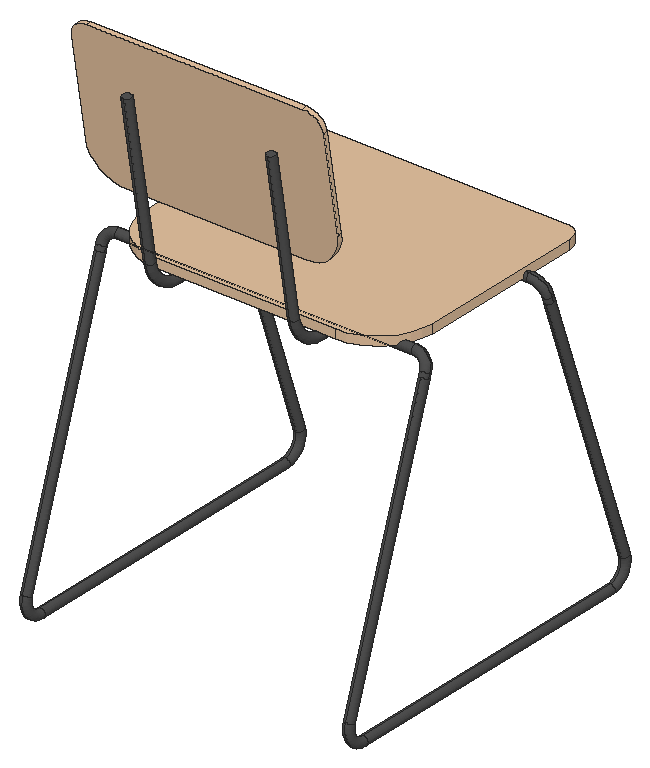
Revit family
Parameters (values of type "Chair - Stacking")
  Material Seat = Wood - Cherry
  Material Frame = Metal - Chrome
  Keynote = "N"
  Assembly Code = ""
Reference planes
  plane 1 "Center (Front/Back)": y = 108.931
  plane 2: z = 0
  plane 3 "Center (Left/Right)": x = -179.049
  plane 4: x = 49.551
  plane 5: x = -407.649
  plane 6: y = 7.331
  plane 7: y = 362.931
  plane 8: y = -145.069
  plane 9: y = 210.531
  plane 10: z = 781.05
  plane 11: z = 444.5
  plane 12: z = 419.1
  plane 13: y = -1.503
  plane 14: y = 219.263
  plane 15: through (0, -129.809, 44.506) normal (0, -0.9459, 0.3243)
  plane 16: through (0, 324.756, 111.345) normal (0, -0.9459, -0.3243)
  plane 17: z = 419.1
  plane 18: y = 219.263
  plane 19: y = -1.4
  plane 20: through (0, 17.507, 3.087) normal (0, -0.9848, -0.1736)
  plane 21: z = 457.2
  plane 22: x = -77.449
  plane 23: x = -280.649
  plane 24: z = 704.85
  plane 25: z = 704.85
Forms (mm)
  Sweep 1, solid, material "Metal - Chrome" <- "Material Frame"
    path origin (49.551, 0, 0) x (0, -1, 0) y (0, 0, 1)
      loop
        line (-219.263, 419.1) -> (-351.192, 40.1)
        arc (-351.192, 40.1) -> (-347.907, 17.035) -> (-327.204, 6.35) r 25.4
        line (-327.204, 6.35) -> (109.341, 6.35)
        arc (109.341, 6.35) -> (130.043, 17.032) -> (133.331, 40.094) r 25.4
        line (133.331, 40.094) -> (1.503, 419.1)
    profile origin (49.551, 108.931, 0) x (0, 0, 1) y (-1, 0, 0)
      loop
        circle (6.35, 0) r 6.35
  Sweep 2, solid, material "Metal - Chrome" <- "Material Frame"
    path origin (-407.649, 0, 0) x (0, -1, 0) y (0, 0, 1)
      loop
        line (-219.242, 419.093) -> (-349.221, 39.988)
        arc (-349.221, 39.988) -> (-345.863, 16.987) -> (-325.194, 6.35) r 25.4
        line (-325.194, 6.35) -> (107.331, 6.35)
        arc (107.331, 6.35) -> (128, 16.987) -> (131.358, 39.988) r 25.4
        line (131.358, 39.988) -> (1.4, 419.034)
    profile origin (-407.649, 108.931, 0) x (0, 0, 1) y (-1, 0, 0)
      loop
        circle (6.35, 0) r 6.35
  Sweep 3, solid, material "Metal - Chrome" <- "Material Frame"
    path origin (0, -129.809, 44.506) x (0, -0.324324, -0.945946) y (1, 0, 0)
      loop
        line (-395.987, 49.551) -> (-402.695, 49.551)
        arc (-402.695, 49.551) -> (-416.165, 43.971) -> (-421.745, 30.501) r 19.05
        line (-421.745, 30.501) -> (-421.745, -388.599)
        arc (-421.745, -388.599) -> (-416.165, -402.07) -> (-402.695, -407.649) r 19.05
        line (-402.695, -407.649) -> (-395.929, -407.649)
    profile origin (-179.049, -129.809, 44.506) x (0, -0.324324, -0.945946) y (0, -0.945946, 0.324324)
      loop
        circle (-421.745, 0) r 6.35
  Sweep 4, solid, material "Metal - Chrome" <- "Material Frame"
    path origin (0, 324.756, 111.345) x (0, 0.324324, -0.945946) y (1, 0, 0)
      loop
        line (-325.363, 49.551) -> (-334.401, 49.551)
        arc (-334.401, 49.551) -> (-347.871, 43.971) -> (-353.451, 30.501) r 19.05
        line (-353.451, 30.501) -> (-353.451, -382.249)
        arc (-353.451, -382.249) -> (-346.011, -400.21) -> (-328.051, -407.649) r 25.4
        line (-328.051, -407.649) -> (-325.334, -407.649)
    profile origin (-175.874, 324.756, 111.345) x (0, 0.324324, -0.945946) y (0, -0.945946, -0.324324)
      loop
        circle (-353.451, 0) r 6.35
  Extrusion 5, solid, material "Wood - Cherry" <- "Material Seat"
    sketch origin (0, 17.507, 3.087) x (0, 0.173648, -0.984808) y (1, 0, 0)
      loop
        arc (-791.603, -331.449) -> (-784.164, -349.41) -> (-766.203, -356.849) r 25.4
        line (-766.203, -356.849) -> (-623.302, -356.849)
        arc (-623.302, -356.849) -> (-587.381, -341.97) -> (-572.502, -306.049) r 50.8
        line (-572.502, -306.049) -> (-572.502, -52.049)
        arc (-572.502, -52.049) -> (-587.381, -16.128) -> (-623.302, -1.249) r 50.8
        line (-623.302, -1.249) -> (-766.203, -1.249)
        arc (-766.203, -1.249) -> (-784.164, -8.689) -> (-791.603, -26.649) r 25.4
        line (-791.603, -26.649) -> (-791.603, -331.449)
    from 0 to -6.35
  Extrusion 6, solid, material "Wood - Cherry" <- "Material Seat"
    sketch origin (0, 0, 457.2) x (1, 0, 0) y (0, 1, 0)
      loop
        arc (-356.849, 312.131) -> (-374.81, 304.692) -> (-382.249, 286.731) r 25.4
        line (-382.249, 286.731) -> (-382.249, 45.431)
        arc (-382.249, 45.431) -> (-359.931, -8.45) -> (-306.049, -30.769) r 76.2
        line (-306.049, -30.769) -> (-52.049, -30.769)
        arc (-52.049, -30.769) -> (1.832, -8.45) -> (24.151, 45.431) r 76.2
        line (24.151, 45.431) -> (24.151, 286.731)
        arc (24.151, 286.731) -> (16.711, 304.692) -> (-1.249, 312.131) r 25.4
        line (-1.249, 312.131) -> (-356.849, 312.131)
    from -12.7 to 0
  Sweep 7, solid, material "Metal - Chrome" <- "Material Frame"
    path origin (-77.449, 0, 0) x (0, -1, 0) y (0, 0, 1)
      loop
        line (-213.266, 438.15) -> (23.028, 438.15)
        arc (23.028, 438.15) -> (55.681, 450.035) -> (73.056, 480.129) r 50.8
        line (73.056, 480.129) -> (112.68, 704.85)
    profile origin (-77.449, 95.119, 0) x (0, 0, 1) y (-1, 0, 0)
      loop
        circle (438.15, 0) r 6.35
  Sweep 8, solid, material "Metal - Chrome" <- "Material Frame"
    path origin (-280.649, 0, 0) x (0, -1, 0) y (0, 0, 1)
      loop
        line (-213.266, 438.15) -> (23.028, 438.15)
        arc (23.028, 438.15) -> (55.681, 450.035) -> (73.056, 480.129) r 50.8
        line (73.056, 480.129) -> (112.975, 706.519)
    profile origin (-280.649, 95.119, 0) x (0, 0, 1) y (-1, 0, 0)
      loop
        circle (438.15, 0) r 6.35
Cuts and joins
  joined: Sweep 2, Sweep 3, Sweep 4
Lines and regions (mm)
  Masking region 1
    outline origin (0, 0, 0) x (1, 0, 0) y (0, 1, 0)
      loop
        arc (-356.849, 312.131) -> (-374.81, 304.692) -> (-382.249, 286.731) r 25.4
        line (-382.249, 286.731) -> (-382.249, 218.361) -> (-401.299, 218.361) -> (-401.299, 353.381) -> (-416.585, 353.381) -> (-416.585, -134.467) -> (-401.299, -134.467) -> (-401.299, 45.431) -> (-382.249, 45.431)
        arc (-382.249, 45.431) -> (-359.931, -8.45) -> (-306.049, -30.769) r 76.2
        line (-306.049, -30.769) -> (-290.977, -30.769) -> (-290.977, -71.448) -> (-344.149, -71.448)
        arc (-344.149, -71.448) -> (-353.129, -75.168) -> (-356.849, -84.148) r 12.7
        line (-356.849, -84.148) -> (-356.849, -113.588)
        arc (-356.849, -113.588) -> (-353.129, -122.569) -> (-344.149, -126.288) r 12.7
        line (-344.149, -126.288) -> (-13.949, -126.288)
        arc (-13.949, -126.288) -> (-4.969, -122.569) -> (-1.249, -113.588) r 12.7
        line (-1.249, -113.588) -> (-1.249, -84.148)
        arc (-1.249, -84.148) -> (-4.969, -75.168) -> (-13.949, -71.448) r 12.7
        line (-13.949, -71.448) -> (-66.859, -71.448) -> (-66.859, -30.769) -> (-52.049, -30.769)
        arc (-52.049, -30.769) -> (1.832, -8.45) -> (24.151, 45.431) r 76.2
        line (24.151, 45.431) -> (43.201, 45.431) -> (43.201, -134.467) -> (58.487, -134.467) -> (58.487, 353.381) -> (43.201, 353.381) -> (43.201, 218.361) -> (24.151, 218.361) -> (24.151, 286.731)
        arc (24.151, 286.731) -> (16.711, 304.692) -> (-1.249, 312.131) r 25.4
        line (-1.249, 312.131) -> (-356.849, 312.131)
      loop
        line (-272.718, -30.769) -> (-272.718, -71.448) -> (-84.76, -71.448) -> (-84.76, -30.769) -> (-272.718, -30.769)
      loop
        line (-382.249, 203.325) -> (-401.299, 203.325) -> (-401.299, 62.444) -> (-382.249, 62.444) -> (-382.249, 203.325)
      loop
        line (24.151, 203.325) -> (24.151, 62.444) -> (43.201, 62.444) -> (43.201, 203.325) -> (24.151, 203.325)
  symbolic lines
    curve 1: line (-356.849, 312.131, 0) -> (-1.249, 312.131, 0)
    curve 2: line (-382.249, 286.731, 0) -> (-382.249, 45.431, 0)
    curve 3: line (-306.049, -30.769, 0) -> (-52.049, -30.769, 0)
    curve 4: line (24.151, 286.731, 0) -> (24.151, 45.431, 0)
    curve 5: arc (-356.849, 312.131, 0) -> (-374.81, 304.692, 0) -> (-382.249, 286.731, 0) r 25.4
    curve 6: arc (-1.249, 312.131, 0) -> (16.711, 304.692, 0) -> (24.151, 286.731, 0) r 25.4
    curve 7: arc (24.151, 45.431, 0) -> (1.832, -8.45, 0) -> (-52.049, -30.769, 0) r 76.2
    curve 8: arc (-306.049, -30.769, 0) -> (-359.931, -8.45, 0) -> (-382.249, 45.431, 0) r 76.2
    curve 9: line (-344.149, -71.448, 0) -> (-13.949, -71.448, 0)
    curve 10: line (-356.849, -84.148, 0) -> (-356.849, -113.588, 0)
    curve 11: line (-344.149, -126.288, 0) -> (-13.949, -126.288, 0)
    curve 12: line (-1.249, -84.148, 0) -> (-1.249, -113.588, 0)
    curve 13: arc (-344.149, -71.448, 0) -> (-353.129, -75.168, 0) -> (-356.849, -84.148, 0) r 12.7
    curve 14: arc (-344.149, -126.288, 0) -> (-353.129, -122.569, 0) -> (-356.849, -113.588, 0) r 12.7
    curve 15: arc (-13.949, -71.448, 0) -> (-4.969, -75.168, 0) -> (-1.249, -84.148, 0) r 12.7
    curve 16: arc (-1.249, -113.588, 0) -> (-4.969, -122.569, 0) -> (-13.949, -126.288, 0) r 12.7
    curve 17: line (-290.977, -30.769, 0) -> (-272.718, -30.769, 0)
    curve 18: line (-290.977, -30.769, 0) -> (-290.977, -71.448, 0)
    curve 19: line (-290.977, -71.448, 0) -> (-272.718, -71.448, 0)
    curve 20: line (-272.718, -30.769, 0) -> (-272.718, -71.448, 0)
    curve 21: line (-66.859, -30.769, 0) -> (-84.76, -30.769, 0)
    curve 22: line (-66.859, -30.769, 0) -> (-66.859, -71.448, 0)
    curve 23: line (-66.859, -71.448, 0) -> (-84.76, -71.448, 0)
    curve 24: line (-84.76, -30.769, 0) -> (-84.76, -71.448, 0)
    curve 25: line (-382.249, 203.325, 0) -> (-401.299, 203.325, 0)
    curve 26: line (-382.249, 203.325, 0) -> (-382.249, 218.361, 0)
    curve 27: line (-382.249, 218.361, 0) -> (-401.299, 218.361, 0)
    curve 28: line (-401.299, 203.325, 0) -> (-401.299, 218.361, 0)
    curve 29: line (24.151, 203.325, 0) -> (43.201, 203.325, 0)
    curve 30: line (24.151, 203.325, 0) -> (24.151, 218.361, 0)
    curve 31: line (24.151, 218.361, 0) -> (43.201, 218.361, 0)
    curve 32: line (43.201, 203.325, 0) -> (43.201, 218.361, 0)
    curve 33: line (-382.249, 45.431, 0) -> (-401.299, 45.431, 0)
    curve 34: line (-382.249, 45.431, 0) -> (-382.249, 62.444, 0)
    curve 35: line (-382.249, 62.444, 0) -> (-401.299, 62.444, 0)
    curve 36: line (-401.299, 45.431, 0) -> (-401.299, 62.444, 0)
    curve 37: line (24.151, 45.431, 0) -> (43.201, 45.431, 0)
    curve 38: line (24.151, 45.431, 0) -> (24.151, 62.444, 0)
    curve 39: line (24.151, 62.444, 0) -> (43.201, 62.444, 0)
    curve 40: line (43.201, 45.431, 0) -> (43.201, 62.444, 0)
    curve 41: line (-416.585, -134.467, 0) -> (-401.299, -134.467, 0)
    curve 42: line (-416.585, 353.381, 0) -> (-416.585, -134.467, 0)
    curve 43: line (-401.299, 353.381, 0) -> (-416.585, 353.381, 0)
    curve 44: line (-401.299, -134.467, 0) -> (-401.299, 353.381, 0)
    curve 45: line (58.591, -134.467, 0) -> (43.201, -134.467, 0)
    curve 46: line (58.591, 353.381, 0) -> (58.591, -134.467, 0)
    curve 47: line (43.201, 353.381, 0) -> (58.591, 353.381, 0)
    curve 48: line (43.201, -134.467, 0) -> (43.201, 353.381, 0)
Dimensions and locks
  equal spacing: plane 5, plane 3 "Center (Left/Right)", plane 4
  locked: plane 5 to plane 4 at 457.2
  equal spacing: plane 8, plane 1 "Center (Front/Back)", plane 7
  locked: plane 8 to plane 7 at 508
  aligned: curve 9 to curve 19
Automatic sketch dimensions
  plane 5 to Masking region 1 sketch curve = 8.936 mm
  Masking region 1 sketch curve to plane 5 = 6.35 mm  (x3)
  Masking region 1 sketch curve to plane 5 = 25.40 mm
  Masking region 1 sketch curve to Masking region 1 sketch curve = 19.05 mm  (x2)
  Masking region 1 sketch curve to Masking region 1 sketch curve = 0.00 mm  (x6)
  Masking region 1 sketch curve to Masking region 1 sketch curve = 25.40 mm
  Masking region 1 sketch curve to plane 5 = 50.80 mm
  Masking region 1 sketch curve to Masking region 1 sketch curve = 12.70 mm  (x3)
  plane 23 to Masking region 1 sketch curve = 25.40 mm
  plane 23 to Masking region 1 sketch curve = 10.328 mm
  Masking region 1 sketch curve to plane 23 = 7.931 mm
  plane 22 to Masking region 1 sketch curve = 7.311 mm
  Masking region 1 sketch curve to plane 22 = 10.59 mm
  Masking region 1 sketch curve to Masking region 1 sketch curve = 14.81 mm
  Masking region 1 sketch curve to Masking region 1 sketch curve = 52.91 mm
  plane 4 to Masking region 1 sketch curve = 50.80 mm
  plane 4 to Masking region 1 sketch curve = 25.40 mm
  plane 4 to Masking region 1 sketch curve = 6.35 mm  (x3)
  Masking region 1 sketch curve to plane 4 = 8.936 mm
  Masking region 1 sketch curve to plane 8 = 10.601 mm  (x2)
  Masking region 1 sketch curve to plane 8 = 18.78 mm
  Masking region 1 sketch curve to Masking region 1 sketch curve = 29.44 mm  (x2)
  plane 6 to Masking region 1 sketch curve = 38.10 mm
  Masking region 1 sketch curve to Masking region 1 sketch curve = 17.013 mm  (x2)
  plane 9 to Masking region 1 sketch curve = 7.206 mm  (x2)
  Masking region 1 sketch curve to plane 9 = 7.83 mm  (x2)
  Masking region 1 sketch curve to Masking region 1 sketch curve = 68.37 mm
  plane 7 to Masking region 1 sketch curve = 9.551 mm  (x2)
  plane 5 to curve 41 = 8.936 mm
  curve 27 to plane 5 = 6.35 mm
  curve 44 to plane 5 = 6.35 mm
  curve 35 to plane 5 = 6.35 mm
  curve 5 to plane 5 = 25.40 mm
  plane 9 to curve 25 = 7.206 mm
  curve 25 to curve 25 = 19.05 mm
  curve 2 to curve 5 = 25.40 mm
  curve 13 to plane 5 = 50.80 mm
  curve 14 to curve 14 = 12.70 mm
  curve 13 to curve 13 = 12.70 mm
  plane 23 to curve 8 = 25.40 mm
  plane 23 to curve 18 = 10.328 mm
  curve 19 to plane 23 = 7.931 mm
  plane 22 to curve 23 = 7.311 mm
  curve 22 to plane 22 = 10.59 mm
  curve 7 to plane 22 = 25.40 mm
  curve 16 to plane 8 = 31.48 mm
  plane 4 to curve 16 = 63.50 mm
  curve 15 to curve 16 = 0.00 mm
  curve 16 to curve 16 = 12.70 mm
  plane 4 to curve 6 = 50.80 mm
  plane 9 to curve 29 = 7.206 mm
  plane 4 to curve 29 = 25.40 mm
  plane 4 to curve 7 = 25.40 mm
  plane 4 to curve 40 = 6.35 mm
  plane 4 to curve 32 = 6.35 mm
  plane 4 to curve 48 = 6.35 mm
  curve 47 to plane 4 = 9.04 mm
  curve 45 to plane 8 = 10.601 mm
  curve 41 to plane 8 = 10.601 mm
  curve 12 to curve 12 = 29.44 mm
  curve 19 to curve 9 = 0.00 mm
  curve 23 to curve 9 = 0.00 mm
  plane 6 to curve 21 = 38.10 mm
  plane 6 to curve 8 = 38.10 mm
  curve 17 to curve 3 = 0.00 mm
  curve 33 to curve 36 = 17.013 mm
  curve 37 to curve 40 = 17.013 mm
  curve 27 to plane 9 = 7.83 mm
  curve 32 to plane 9 = 7.83 mm
  curve 26 to curve 5 = 68.37 mm
  plane 7 to curve 43 = 9.551 mm
  plane 7 to curve 46 = 9.551 mm
